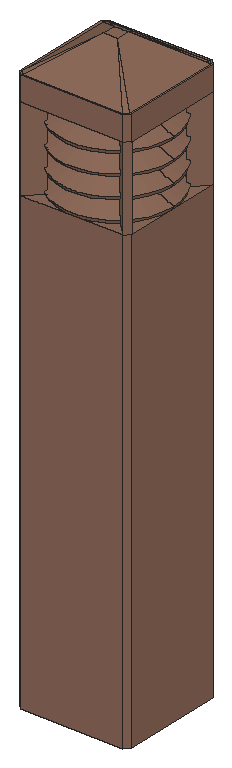
Revit family "VSB_Bollard", category Lighting Fixtures, Revit 2013
Parameters (values of type "VSB")
  Wattage Comments = "default"
  Wattage = 12.1178 W
  built-in parameter 1150110 = 1 (stored number, unit not read)
  Voltage = 120 V
  URL = "www.kimlighting.com/"
  Type Comments = "Lighted Bollard"  # constant formula
  built-in parameter 1114217 = 1 (stored number, unit not read)
  Tilt Angle = 90.00°
  built-in parameter 1150109 = 1 (stored number, unit not read)
  built-in parameter 1150134 = (empty or 0)
  built-in parameter 1150113 = 1 (stored number, unit not read)
  Series = "Vandal-Resistant Bollards"  # constant formula
  Revisions Date = "11/02/2017"  # constant formula
  Product Page URL = "http://www.kimlighting.com/products/vandalresistant_square_bollards"
  Product Documentation Link = "http://www.kimlighting.com/content/products/psg/psg_files/kim_vrb_vsbled_psg.pdf"
  Power Factor = 1
  Photometric Web Link = "http://www.kimlighting.com/products/vandalresistant_square_bollards"
  Photometric Web File = "vsb1-10l3k.ies"
  Photometric Notes = "More IES files download on Photometric Web Link"  # constant formula
  Number of Poles = 1
  Note Visible = yes
  Note Text = "LF"  # constant formula
  Model = "VSB Bollard"  # constant formula
  MasterFormat Title = "Landscape Lighting, Site Lighting, Walkway Lighting"  # constant formula
  Manufacturer Phone = "626-968-5666"  # constant formula
  Manufacturer Fax = "626-369-2695"  # constant formula
  Manufacturer = "Kim Lighting"  # constant formula
  Lumens = 1800 lm
  built-in parameter 1150115 = 1 (stored number, unit not read)
  built-in parameter 1150105 = 143.24 (stored number, unit not read)
  Load Classification = Lighting
  built-in parameter 1150137 = (empty or 0)
  built-in parameter 1150139 = (empty or 0)
  built-in parameter 1150112 = 1 (stored number, unit not read)
  built-in parameter 1150114 = 1 (stored number, unit not read)
  Lamp = "LED"  # constant formula
  built-in parameter 1150132 = 2
  built-in parameter 1150102 = (empty or 0)
  built-in parameter 1150138 = (empty or 0)
  built-in parameter 1150107 = 3000 (stored number, unit not read)
  built-in parameter 1150106 = 1.4324 (stored number, unit not read)
  Height = 3' - 7"
  Glass = Glass-KIM-Temper Molded
  Finish = Powder Coat-Kim-Dark Bronze
  built-in parameter 1150104 = 13.8 (stored number, unit not read)
  Dimming Lamp Color Temperature Shift = <None>
  Description = "Low Level Luminaire"  # constant formula
  Depth = 0' - 8"  # constant formula
  Color Filter = 16777215
  built-in parameter 1114218 = 1 (stored number, unit not read)
  built-in parameter 1150133 = 10 (stored number, unit not read)
  Assembly Code = "D5020200"
  Apparent Load = 0 VA
Reference planes (in)
  plane 1 "Light Source Axis (F/B)": y = 0
  plane 2: z = 0
  plane 3 "Light Source Axis (L/R)": x = 0
  plane 4 "Light Source Elevation": z = 36
  plane 5 "Left": x = -4
  plane 6 "Right": x = 4
  plane 7 "Back": y = 4
  plane 8 "Front": y = -4
  plane 9 "Top": z = 43
  plane 10: z = 33
  plane 11: z = 39
  plane 12 "Top Blend": z = 40.75
Forms (in)
  Extrusion 1, solid, material "Powder Coat-Kim-Dark Bronze" <- "Finish", detail levels medium+fine
    sketch origin (0, 0, 0) x (1, 0, 0) y (0, 1, 0)
      loop
        line (-3.64645, -4) -> (3.64645, -4) -> (4, -3.64645) -> (4, 3.64645) -> (3.64645, 4) -> (-3.64645, 4) -> (-4, 3.64645) -> (-4, -3.64645) -> (-3.64645, -4)
      loop
        circle (0, 0) r 1.6875
    from 0 to 33
  Extrusion 2, solid, material "Powder Coat-Kim-Dark Bronze" <- "Finish", detail levels medium+fine
    sketch origin (0, 0, 0) x (1, 0, 0) y (0, 1, 0)
      loop
        line (-3.64645, -4) -> (3.64645, -4) -> (4, -3.64645) -> (4, 3.64645) -> (3.64645, 4) -> (-3.64645, 4) -> (-4, 3.64645) -> (-4, -3.64645) -> (-3.64645, -4)
    from 39 to 40.75
  Blend 3, solid, material "Powder Coat-Kim-Dark Bronze" <- "Finish", detail levels medium+fine
    base sketch origin (0, 0, 40.75) x (-1, 0, 0) y (0, -1, 0)
      loop
        line (3.59467, 3.875) -> (-3.59467, 3.875) -> (-3.875, 3.59467) -> (-3.875, -3.59467) -> (-3.59467, -3.875) -> (3.59467, -3.875) -> (3.875, -3.59467) -> (3.875, 3.59467) -> (3.59467, 3.875)
    top sketch origin (0, 0, 40.75) x (-1, 0, 0) y (0, -1, 0)
      loop
        line (0.5, 0.5) -> (-0.5, 0.5) -> (-0.5, -0.5) -> (0.5, -0.5) -> (0.5, 0.5)
    from 0 to 2.25
  Extrusion 4, solid, material "Powder Coat-Kim-Dark Bronze" <- "Finish"
    sketch origin (0, 0, 40.75) x (-1, 0, 0) y (0, -1, 0)
      loop
        line (4, 3.64645) -> (3.64645, 4) -> (2.63154, 2.98509) -> (2.98509, 2.63154) -> (4, 3.64645)
      loop
        line (4, -3.64645) -> (2.98509, -2.63154) -> (2.63154, -2.98509) -> (3.64645, -4) -> (4, -3.64645)
      loop
        line (-4, 3.64645) -> (-2.98509, 2.63154) -> (-2.63154, 2.98509) -> (-3.64645, 4) -> (-4, 3.64645)
      loop
        line (-4, -3.64645) -> (-3.64645, -4) -> (-2.63154, -2.98509) -> (-2.98509, -2.63154) -> (-4, -3.64645)
    from -7.75 to -1.75
  Revolve 5, solid, material "Powder Coat-Kim-Dark Bronze" <- "Finish", detail levels medium+fine
    sketch origin (0, 0, 0) x (1, 0, 0) y (0, 0, 1)
      loop
        line (-4, 33) -> (-1.98859, 33.93794) -> (-2.09424, 34.16451) -> (-4.10565, 33.22658) -> (-4, 33)
      loop
        line (-4, 34.5) -> (-1.98859, 35.43794) -> (-2.09424, 35.66451) -> (-4.10565, 34.72658) -> (-4, 34.5)
      loop
        line (-4, 36) -> (-1.98859, 36.93794) -> (-2.09424, 37.16451) -> (-4.10565, 36.22658) -> (-4, 36)
      loop
        line (-4, 37.5) -> (-1.98859, 38.43794) -> (-2.09424, 38.66451) -> (-4.10565, 37.72658) -> (-4, 37.5)
      axis (0, 33) -> (0, 38.66451)
    angle from 0 to 360
  Revolve 6, solid, material "Glass-KIM-Temper Molded" <- "Glass", detail levels medium+fine
    sketch origin (0, 0, 0) x (1, 0, 0) y (0, 0, 1)
      loop
        line (-1.98859, 33) -> (-1.86359, 33) -> (-1.86359, 38.43794)
        arc (-1.86359, 38.43794) -> (-1.31776, 39.75569) -> (0, 40.30152) r 1.86359
        line (0, 40.30152) -> (0, 40.42652)
        arc (0, 40.42652) -> (-1.40614, 39.84408) -> (-1.98859, 38.43794) r 1.98859
        line (-1.98859, 38.43794) -> (-1.98859, 33)
      axis (0, 33) -> (0, 40.42652)
    angle from 0 to 360
  Extrusion 7, solid, material "Powder Coat-Kim-Dark Bronze" <- "Finish", detail levels coarse
    sketch origin (0, 0, 0) x (1, 0, 0) y (0, 0, 1)
      loop
        line (-4, 0) -> (4, 0) -> (4, 33) -> (-4, 33) -> (-4, 0)
      loop
        line (-4, 39) -> (4, 39) -> (4, 43) -> (-4, 43) -> (-4, 39)
    from -4 to 4
Cuts and joins
  joined: Extrusion 2, Blend 3
Lines and regions (in)
  Masking region 1, detail levels coarse
    outline origin (0, 0, 0) x (1, 0, 0) y (0, 1, 0)
      loop
        line (-4, -4) -> (4, -4) -> (4, 4) -> (-4, 4) -> (-4, -4)
  Masking region 2, detail levels medium+fine
    outline origin (0, 0, 0) x (1, 0, 0) y (0, 1, 0)
      loop
        line (-4, -3.64645) -> (-3.64645, -4) -> (3.64645, -4) -> (4, -3.64645) -> (4, 3.64645) -> (3.64645, 4) -> (-3.64645, 4) -> (-4, 3.64645) -> (-4, -3.64645)
  symbolic lines, style "LightingFixturesHiddenLines", detail levels fine
    curve 1: circle (-1.76777, 1.76777, 0) r 0.1875 normal (0, 0, 1)
    curve 2: circle (1.76777, 1.76777, 0) r 0.1875 normal (0, 0, -1)
    curve 3: circle (-1.76777, -1.76777, 0) r 0.1875 normal (0, 0, -1)
    curve 4: circle (1.76777, -1.76777, 0) r 0.1875 normal (0, 0, 1)
  symbolic lines, style "LightingFixturesHiddenLines", detail levels medium+fine
    curve 5: circle (0, 0, 0) r 1.6875 normal (0, 0, 1)
Dimensions and locks (in)
  equal spacing: plane 7 "Back", plane 1 "Light Source Axis (F/B)", plane 8 "Front"
  "Depth": plane 7 "Back" to plane 8 "Front"
  equal spacing: plane 5 "Left", plane 3 "Light Source Axis (L/R)", plane 6 "Right"
  "Depth": plane 5 "Left" to plane 6 "Right"
  Blend 3 sketch curve to imposter light to Blend 3 sketch curve = 0' - 0 1/2" locked, 0' - 0 1/2" locked  (x2)
  "Height": plane 9 "Top" to level
  plane 9 "Top" to plane 12 "Top Blend" to plane 11 to plane 4 "Light Source Elevation" to plane 10 = 0' - 2 1/4" locked, 0' - 1 3/4" locked, 0' - 3" locked, 0' - 3" locked
  locked: Extrusion 1 sketch curve to imposter light
  locked: Extrusion 1 sketch curve to imposter light at 0
  locked: plane 7 "Back" to Extrusion 1 sketch curve at 0.35355  (x2)
  locked: Extrusion 1 sketch curve to plane 8 "Front" at 0.35355  (x2)
  locked: plane 5 "Left" to Extrusion 1 sketch curve at 0.35355  (x2)
  locked: Extrusion 1 sketch curve to plane 6 "Right" at 0.35355  (x2)
  Extrusion 4 sketch curve to Extrusion 4 sketch curve to Extrusion 4 sketch curve to plane 8 "Front" to Extrusion 4 sketch curve = 0' - 0.35355" locked, 0' - 0.66135" locked, 0' - 0.35355" locked, 0' - 0" locked  (x2)
  plane 7 "Back" to Extrusion 4 sketch curve to Extrusion 4 sketch curve to Extrusion 4 sketch curve to Extrusion 4 sketch curve = 0' - 0" locked, 0' - 0.35355" locked, 0' - 0.66135" locked, 0' - 0.35355" locked  (x2)
  plane 5 "Left" to Extrusion 4 sketch curve to Extrusion 4 sketch curve to Extrusion 4 sketch curve to Extrusion 4 sketch curve = 0' - 0" locked, 0' - 0.35355" locked, 0' - 0.66135" locked, 0' - 0.35355" locked  (x2)
  Extrusion 4 sketch curve to Extrusion 4 sketch curve to Extrusion 4 sketch curve to plane 6 "Right" to Extrusion 4 sketch curve = 0' - 0.35355" locked, 0' - 0.66135" locked, 0' - 0.35355" locked, 0' - 0" locked  (x2)
  locked: plane 7 "Back" to Extrusion 2 sketch curve at 0.35355  (x2)
  locked: Extrusion 2 sketch curve to plane 8 "Front" at 0.35355  (x2)
  locked: plane 5 "Left" to Extrusion 2 sketch curve at 0.35355  (x2)
  locked: Extrusion 2 sketch curve to plane 6 "Right" at 0.35355  (x2)
  Blend 3 sketch curve to Blend 3 sketch curve to plane 8 "Front" = 0' - 0.28033" locked, 0' - 0 1/8" locked
  locked: Blend 3 sketch curve to plane 8 "Front" at 0.40533
  plane 7 "Back" to Blend 3 sketch curve to Blend 3 sketch curve = 0' - 0 1/8" locked, 0' - 0.28033" locked
  locked: plane 7 "Back" to Blend 3 sketch curve at 0.40533
  plane 5 "Left" to Blend 3 sketch curve to Blend 3 sketch curve = 0' - 0 1/8" locked, 0' - 0.28033" locked
  locked: plane 5 "Left" to Blend 3 sketch curve at 0.40533
  Blend 3 sketch curve to Blend 3 sketch curve to plane 6 "Right" = 0' - 0.28033" locked, 0' - 0 1/8" locked
  locked: Blend 3 sketch curve to plane 6 "Right" at 0.40533
  Revolve 5 sketch curve to Revolve 5 sketch curve to Revolve 5 sketch curve to Revolve 5 sketch curve to Revolve 5 sketch curve to Revolve 5 sketch curve to Revolve 5 sketch curve to Revolve 5 sketch curve to Revolve 5 sketch curve to Revolve 5 sketch curve to Revolve 5 sketch curve to Revolve 5 sketch curve to Revolve 5 sketch curve to Revolve 5 sketch curve to Revolve 5 sketch curve to plane 10 to Revolve 5 sketch curve = 0' - 0 29/128" locked, 0' - 0.71136" locked, 0' - 0 29/128" locked, 0' - 0.33549" locked, 0' - 0 29/128" locked, 0' - 0.71136" locked, 0' - 0 29/128" locked, 0' - 0.33549" locked, 0' - 0 29/128" locked, 0' - 0.71136" locked, 0' - 0 29/128" locked, 0' - 0.33549" locked, 0' - 0 29/128" locked, 0' - 0.71136" locked, 0' - 0 29/128" locked, 0' - 0" locked
  Revolve 5 sketch curve to plane 5 "Left" to Revolve 5 sketch curve to Revolve 5 sketch curve to Revolve 5 sketch curve = 0' - 0.10565" locked, 0' - 0" locked, 0' - 1.90576" locked, 0' - 0.10565" locked  (x4)
  imposter light to Revolve 6 sketch curve to Revolve 6 sketch curve = 0' - 1.86359" locked, 0' - 0 1/8" locked
  Revolve 6 sketch curve to Revolve 6 sketch curve to Revolve 6 sketch curve to Revolve 6 sketch curve to plane 10 = 0' - 0 1/8" locked, 0' - 1.86359" locked, 0' - 0" locked, 0' - 5.43794" locked
  locked: curve 3 to plane 8 "Front" at 2.23223
  locked: plane 7 "Back" to curve 1 at 2.23223
  locked: plane 7 "Back" to curve 2 at 2.23223
  locked: curve 4 to plane 8 "Front" at 2.23223
  locked: plane 5 "Left" to curve 1 at 2.23223
  locked: plane 5 "Left" to curve 3 at 2.23223
  locked: curve 2 to plane 6 "Right" at 2.23223
  locked: curve 4 to plane 6 "Right" at 2.23223
  locked: curve 5 to plane 1 "Light Source Axis (F/B)" at 0
  locked: curve 5 to plane 3 "Light Source Axis (L/R)" at 0
  locked: Masking region 2 sketch curve to plane 8 "Front" at 0.35355  (x2)
  locked: plane 7 "Back" to Masking region 2 sketch curve at 0.35355  (x2)
  locked: plane 5 "Left" to Masking region 2 sketch curve at 0.35355  (x2)
  locked: Masking region 2 sketch curve to plane 6 "Right" at 0.35355  (x2)
  aligned and locked: plane 3 "Light Source Axis (L/R)" to imposter light
  aligned and locked: plane 1 "Light Source Axis (F/B)" to imposter light
  aligned and locked: plane 4 "Light Source Elevation" to imposter light
  aligned and locked: Extrusion 1 sketch curve to plane 8 "Front"
  aligned and locked: Extrusion 1 sketch curve to plane 6 "Right"
  aligned and locked: plane 10 to Extrusion 1
  aligned and locked: Extrusion 1 to level
  aligned and locked: Extrusion 2 to plane 11
  aligned and locked: plane 12 "Top Blend" to Extrusion 2
  aligned and locked: plane 9 "Top" to Blend 3
  aligned and locked: Blend 3 to plane 12 "Top Blend"
  aligned and locked: Extrusion 4 to plane 10
  aligned and locked: plane 11 to Extrusion 4
  aligned and locked: plane 3 "Light Source Axis (L/R)" to Revolve 5 sketch curve
  aligned and locked: Revolve 6 sketch curve to plane 3 "Light Source Axis (L/R)"
  aligned and locked: Revolve 6 sketch curve to plane 10
  aligned and locked: plane 3 "Light Source Axis (L/R)" to Revolve 6 sketch curve
  aligned and locked: plane 9 "Top" to Extrusion 7 sketch curve
  aligned and locked: Extrusion 7 sketch curve to plane 11
  aligned and locked: Extrusion 7 sketch curve to plane 6 "Right"  (x2)
  aligned and locked: plane 5 "Left" to Extrusion 7 sketch curve  (x2)
  aligned and locked: plane 10 to Extrusion 7 sketch curve
  aligned and locked: Extrusion 7 sketch curve to level
  aligned and locked: plane 7 "Back" to Extrusion 7
  aligned and locked: Extrusion 7 to plane 8 "Front"
  aligned and locked: plane 5 "Left" to Masking region 1 sketch curve
  aligned and locked: Masking region 1 sketch curve to plane 8 "Front"
  aligned and locked: plane 7 "Back" to Masking region 1 sketch curve
  aligned and locked: Masking region 1 sketch curve to plane 6 "Right"
  aligned and locked: Masking region 2 sketch curve to plane 5 "Left"
  aligned and locked: Masking region 2 sketch curve to plane 7 "Back"
  aligned and locked: plane 8 "Front" to Masking region 2 sketch curve
  aligned and locked: plane 6 "Right" to Masking region 2 sketch curve
Automatic sketch dimensions
  Extrusion 1 sketch curve to plane 5 "Left" = 0' - 0"
  Extrusion 1 sketch curve to plane 7 "Back" = 0' - 0"
  Extrusion 2 sketch curve to plane 5 "Left" = 0' - 0"
  Extrusion 2 sketch curve to plane 8 "Front" = 0' - 0"
  Extrusion 2 sketch curve to plane 6 "Right" = 0' - 0"
  Extrusion 2 sketch curve to plane 7 "Back" = 0' - 0"
  Revolve 5 sketch curve to plane 10 = 0' - 1.37171"
  Revolve 5 sketch curve to plane 12 "Top Blend" = 0' - 0.62171"
  Revolve 6 sketch curve to plane 10 = 0' - 1 1/4"
  Revolve 6 sketch curve to plane 9 "Top" = 0' - 1"
  radius of Extrusion 1 sketch curve = 0' - 1 11/16"
  radius of curve 1 = 0' - 0 3/16"
  radius of curve 2 = 0' - 0 3/16"
  radius of curve 3 = 0' - 0 3/16"
  radius of curve 4 = 0' - 0 3/16"
  radius of curve 5 = 0' - 1 11/16"
Nested families (in)
  nested 1: "Notation" at (0, 4.62623, 0), visible <- "Note Visible", type "Notation"
Connectors (in)
  electrical at (0, 0, 0), driven by "Number of Poles", driven by "Voltage", driven by "Apparent Load", driven by "Power Factor", driven by "Load Classification"
    settings: on Extrusion 1, index 1, voltage 120 V, apparent load 0 VA, apparent load phase1 0 VA, apparent load phase2 0 VA, apparent load phase3 0 VA, power factor 1, load classification "Lighting", number of poles 1, system type 30, power factor state 1, is connector primary yes, connector utility no, sub classification motor no, connector description "Lighting Connector"
Definition of nested family "Notation"
  Parameters (values of type "Notation")
    Notation = "LF"
  Reference planes (in)
    plane 1: y = 0
    plane 2: x = 0
  Text (in)
    label "Notation" at (0.02149, 0.07192, 0), shows "Notation"
